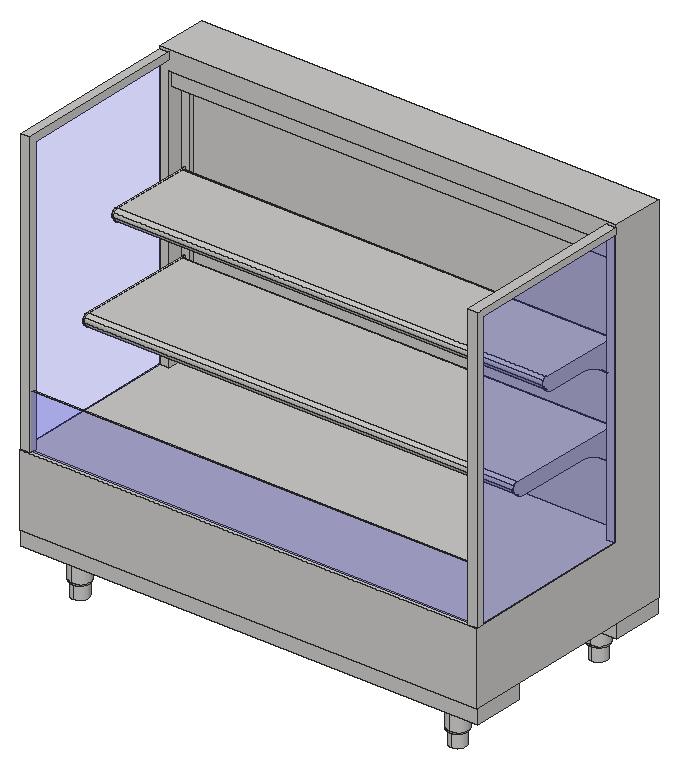
Revit family "Food-Service-Equipment_Oscartek_H11_1250", category Specialty Equipment, Revit 2026
Family settings
  Round Connector Dimension = Use Diameter
  Part Type = Normal
  Classification Number = 23.40.40.11
  Work Plane-Based = No
  Enable Cutting in Views = No
  Always vertical = Yes
  Cut with Voids When Loaded = No
  Maintain Annotation Orientation = No
  Shared = No
  Room Calculation Point = No
Parameters
  Width = 49 1/4"  # constant formula
  Weight in Pounds = 440
  Watts = Volts * FL Amps  # 1320 W
  Waste Water Discharge Temperature [instance] = -459.67 °F
  Volts = 220 V
  URL Cutsheet = "www.oscartek.com"
  URL = "www.oscartek.com"
  Type Mark [instance] = ""
  Type Comments = "As Specified"
  Test Data = "http://www.oscartek.com/company/clients.php"
  Status [instance] = ""
  Specification by User [instance] = ""
  Specification by Manufacturer = ""
  Specification = "https://www.arcat.com/arcatcos/cos48/arc48760.html"
  Show Back Shelving [instance] = no
  Serial Number = ""
  Seismic Rating = ""
  Sales Information = "http://www.oscartek.com/company/contact.php"
  SMACNA No = ""
  Revision Code [instance] = ""
  Revision = "R1_2018-10"
  Product Data = "http://www.oscartek.com/support/manuals/"
  Plumbing Remarks [instance] = ""
  Plumbing Connection Type [instance] = ""
  Phase = 1
  Omniclass Number and Title = ""
  Number of Poles [instance] = 1
  NAFEM Spec ID Number = ""
  Model = "H11 1250"
  Min Ckt Ampacity = 0 A
  Max Overcurrent Protection = 0 A
  Masterspec = ""
  Manufacturer Website = "http://www.oscartek.com/index.php"
  Manufacturer Phone - Toll Free = "855-885-2400"
  Manufacturer Phone = "650-342-2400"
  Manufacturer Fax = "650-342-7400"
  Manufacturer Address = "361 Beach Rd., Burlingame, CA 94010"
  Manufacturer = "OSCARTEK"
  Legs [instance] = not(Show Back Shelving)  # yes
  Item Number [instance] = ""
  Installed By [instance] = ""
  Installation-Fabrication = "http://www.oscartek.com/support/manuals/"
  Indirect Waste Size = 1"
  Indirect Waste Flow [instance] = 0 GPM
  Indirect Waste Connection Type [instance] = ""
  Indirect Waste Connection Height = 0"
  Identify Quantity as Lot [instance] = yes
  Height = 44 1/2"  # constant formula
  HP = ""
  Green Building-LEED = "https://www.arcat.com/green/green_building.shtml"
  Furnished By [instance] = ""
  Foodservice Equipment Identifier [instance] = yes
  FL Amps = 6 A
  Electrical Remarks [instance] = ""
  Electric Connection Type [instance] = ""
  Elec Conn RI Height [instance] = 0"
  Elec Conn Connection Height [instance] = 0"
  Drawn By = "Sumex Design, Inc. / Robert S. Weygant, CSI, CDT, SCIP"
  Description = "MURO H11 SELF SERVE AIR SCREEN WALL REFRIGERATION SHOWCASES"
  Default Elevation = 0"
  Cycle = 60 Hz
  Copyright = "©Arcat Inc."
  Construction Details = "http://www.oscartek.com/support/manuals/"
  Conn Plug = ""
  Conn Conduit = yes
  Category = ""
  CSI MasterFormat = "11 41 33"
  CSI Master Format = "Foodservice Shelving"
  Building Codes = "https://www.arcat.com/arcatcos/cos48/arc48760.html"
  Apparent Power = if(Phase = 3, Volts * FL Amps * 1.73, Volts * FL Amps)  # 1320 VA
Reference planes (in)
  plane 1 "BACK": y = 0
  plane 2: z = 0
  plane 3 "LEFT": x = 0
  plane 4 "RIGHT": x = 49.25
  plane 5 "FRONT": y = -24.5
  plane 6 "TOP": z = 44.5
  plane 7 "Center Y": x = 24.625
  plane 8 "Center X": y = -12.25
  plane 9: z = 6
  plane 10 "Left Offset": x = 4.25
  plane 11 "Right Offset": x = 45
  plane 12: y = -4.1181
  plane 13: x = 1.45303
  plane 14: y = 8.25
Forms (in)
  Revolve 1, solid, material "QF_Finishes_Stainless Steel"
    sketch origin (4.25, 0, 0) x (0, 0, -1) y (0, -1, 0)
      loop
        line (0, 21.73224) -> (-4.46851, 21.73224) -> (-4.46851, 20.62988) -> (-1.63279, 20.62988)
        arc (-1.63279, 20.62988) -> (-1.52552, 20.66897) -> (-1.48031, 20.77381) r 0.14417
        line (-1.48031, 20.77381) -> (-1.48031, 20.8661) -> (0, 20.8661) -> (0, 21.73224)
      axis (0, 21.73224) -> (-4.46851, 21.73224)
    angle from 0 to 360
  Revolve 2, solid, material "QF_Finishes_Stainless Steel"
    sketch origin (45, 0, 0) x (0, 0, -1) y (0, -1, 0)
      loop
        line (0, 21.73224) -> (-4.46851, 21.73224) -> (-4.46851, 20.62988) -> (-1.63279, 20.62988)
        arc (-1.63279, 20.62988) -> (-1.52552, 20.66897) -> (-1.48031, 20.77381) r 0.14417
        line (-1.48031, 20.77381) -> (-1.48031, 20.8661) -> (0, 20.8661) -> (0, 21.73224)
      axis (0, 21.73224) -> (-4.46851, 21.73224)
    angle from 0 to 360
  Extrusion 3, solid, material "QF_Finishes_Stainless Steel"
    sketch origin (0, 0, 0.0945) x (0, 1, 0) y (0, 0, 1)
      loop
        line (-24.38189, 5.9055) -> (-24.38189, 4.37401) -> (-18.87009, 4.37401) -> (-18.87009, 5.9055) -> (-24.38189, 5.9055)
    from 0 to 49.25
  Extrusion 4, solid, material "QF_Finishes_Stainless Steel"
    sketch origin (0, 0, 0) x (0, 1, 0) y (0, 0, 1)
      loop
        line (-24.5, 6) -> (0, 6) -> (0, 44.5) -> (-5.70865, 44.5) -> (-5.70865, 42.51949) -> (-5.39369, 42.51949) -> (-5.39369, 40.88366) -> (-3.74377, 40.88366) -> (-3.74377, 13.7795) -> (-24.5, 13.7795) -> (-24.5, 6)
    from 0 to 49.25
  Sweep 5, solid, material "QF_Finishes_Stainless Steel"
    path origin (0, 0, 0) x (0, 1, 0) y (0, 0, 1)
      loop
        line (-5.70865, 44.29125) -> (-24.4094, 44.29125) -> (-24.4094, 13.7795)
    profile origin (0, -15.05903, 44.29125) x (0, 0, -1) y (1, 0, 0)
      loop
        line (0, 0) -> (0.75, 0) -> (0.75, 1) -> (0, 1) -> (0, 0)
      loop
        line (0, 49.25) -> (0, 48.25) -> (0.75, 48.25) -> (0.75, 49.25) -> (0, 49.25)
  Extrusion 6, solid, material "Glass"
    sketch origin (49.25, 0, 0) x (0, 1, 0) y (0, 0, 1)
      loop
        line (-5.70865, 13.7795) -> (-5.70865, 43.54125) -> (-23.6594, 43.54125) -> (-23.6594, 13.7795) -> (-5.70865, 13.7795)
    from 0 to -0.125
  Extrusion 7, solid, material "Glass"
    sketch origin (0, 0, 0) x (0, 1, 0) y (0, 0, -1)
      loop
        line (-5.70865, -13.7795) -> (-23.6594, -13.7795) -> (-23.6594, -43.54125) -> (-5.70865, -43.54125) -> (-5.70865, -13.7795)
    from 0 to -0.125
  Extrusion 8, solid, material "QF_Finishes_Stainless Steel"
    sketch origin (49.25, 0, 0) x (0, 1, 0) y (0, 0, 1)
      loop
        line (-5.70865, 42.51949) -> (-5.70865, 13.7795) -> (-3.74377, 13.7795) -> (-3.74377, 40.88366) -> (-5.39369, 40.88366) -> (-5.39369, 42.51949) -> (-5.70865, 42.51949)
    from 0 to -1
  Extrusion 9, solid, material "QF_Finishes_Stainless Steel"
    sketch origin (0, 0, 0) x (0, 1, 0) y (0, 0, -1)
      loop
        line (-5.70865, -42.51949) -> (-5.39369, -42.51949) -> (-5.39369, -40.88366) -> (-3.74377, -40.88366) -> (-3.74377, -13.7795) -> (-5.70865, -13.7795) -> (-5.70865, -42.51949)
    from 0 to -1
  Extrusion 10, solid, material "Glass"
    sketch origin (0, 0, 0) x (1, 0, 0) y (0, 1, 0)
      loop
        line (1, -24.25192) -> (48.25, -24.25192) -> (48.25, -24.0157) -> (1, -24.0157) -> (1, -24.25192)
    from 13.7795 to 19.685
  Extrusion 11, solid, material "QF_Finishes_Stainless Steel"
    sketch origin (0, 0, 0) x (1, 0, 0) y (0, 1, 0)
      loop
        line (1, -3.74377) -> (1, -4.1181) -> (2, -4.1181) -> (2, -3.74377) -> (1, -3.74377)
      loop
        line (48.25, -3.74377) -> (47.25, -3.74377) -> (47.25, -4.1181) -> (48.25, -4.1181) -> (48.25, -3.74377)
    from 13.7795 to 40.48614
  Extrusion 12, solid, material "QF_Finishes_Stainless Steel"
    sketch origin (0, 0, 0) x (0, 1, 0) y (0, 0, 1)
      loop
        arc (-17.72597, 23.53512) -> (-17.2113, 22.93887) -> (-16.45833, 22.70771) r 1.42301
        line (-16.45833, 22.70771) -> (-8.4463, 22.56786)
        arc (-8.4463, 22.56786) -> (-7.21377, 22.3472) -> (-6.11286, 21.7507) r 3.937
        line (-6.11286, 21.7507) -> (-4.19734, 20.27555) -> (-4.1181, 20.27555) -> (-4.1181, 24.1087) -> (-4.3685, 24.1087) -> (-4.3685, 24.01463)
        arc (-4.3685, 24.01463) -> (-4.38687, 24.03785) -> (-4.41505, 24.04694) r 0.05097
        line (-4.41505, 24.04694) -> (-17.20933, 24.27026)
        arc (-17.20933, 24.27026) -> (-17.22673, 24.27505) -> (-17.23969, 24.28761) r 0.03635
        arc (-17.23969, 24.28761) -> (-17.24815, 24.30882) -> (-17.26921, 24.31765) r 0.02953
        arc (-17.26921, 24.31765) -> (-17.70129, 24.04529) -> (-17.72597, 23.53512) r 0.55302
      loop
        line (-6.11286, 30.25462) -> (-4.19734, 28.77947) -> (-4.1181, 28.77947) -> (-4.1181, 32.61699) -> (-4.3685, 32.61699) -> (-4.3685, 32.51855)
        arc (-4.3685, 32.51855) -> (-4.38687, 32.54177) -> (-4.41505, 32.55086) r 0.05097
        line (-4.41505, 32.55086) -> (-13.27293, 32.70547)
        arc (-13.27293, 32.70547) -> (-13.29033, 32.71026) -> (-13.30329, 32.72282) r 0.03636
        arc (-13.30329, 32.72282) -> (-13.31267, 32.74493) -> (-13.33538, 32.75275) r 0.02953
        arc (-13.33538, 32.75275) -> (-13.76555, 32.47936) -> (-13.78953, 31.97024) r 0.55315
        arc (-13.78953, 31.97024) -> (-13.27486, 31.37405) -> (-12.52193, 31.14292) r 1.42301
        line (-12.52193, 31.14292) -> (-8.4463, 31.07178)
        arc (-8.4463, 31.07178) -> (-7.21377, 30.85112) -> (-6.11286, 30.25462) r 3.937
    from 1.39053 to 1.45303
  Extrusion 13, solid, material "QF_Finishes_Stainless Steel"
    sketch origin (49.25, 0, 0) x (0, 1, 0) y (0, 0, 1)
      loop
        arc (-17.72597, 23.53512) -> (-17.2113, 22.93887) -> (-16.45833, 22.70771) r 1.42301
        line (-16.45833, 22.70771) -> (-8.4463, 22.56786)
        arc (-8.4463, 22.56786) -> (-7.21377, 22.3472) -> (-6.11286, 21.7507) r 3.937
        line (-6.11286, 21.7507) -> (-4.19734, 20.27555) -> (-4.1181, 20.27555) -> (-4.1181, 24.1087) -> (-4.3685, 24.1087) -> (-4.3685, 24.01463)
        arc (-4.3685, 24.01463) -> (-4.38687, 24.03785) -> (-4.41505, 24.04694) r 0.05097
        line (-4.41505, 24.04694) -> (-17.20933, 24.27026)
        arc (-17.20933, 24.27026) -> (-17.22673, 24.27505) -> (-17.23969, 24.28761) r 0.03635
        arc (-17.23969, 24.28761) -> (-17.24815, 24.30882) -> (-17.26921, 24.31765) r 0.02953
        arc (-17.26921, 24.31765) -> (-17.70129, 24.04529) -> (-17.72597, 23.53512) r 0.55302
      loop
        line (-6.11286, 30.25462) -> (-4.19734, 28.77947) -> (-4.1181, 28.77947) -> (-4.1181, 32.61699) -> (-4.3685, 32.61699) -> (-4.3685, 32.51855)
        arc (-4.3685, 32.51855) -> (-4.38687, 32.54177) -> (-4.41505, 32.55086) r 0.05097
        line (-4.41505, 32.55086) -> (-13.27293, 32.70547)
        arc (-13.27293, 32.70547) -> (-13.29033, 32.71026) -> (-13.30329, 32.72282) r 0.03636
        arc (-13.30329, 32.72282) -> (-13.31267, 32.74493) -> (-13.33538, 32.75275) r 0.02953
        arc (-13.33538, 32.75275) -> (-13.76555, 32.47936) -> (-13.78953, 31.97024) r 0.55315
        arc (-13.78953, 31.97024) -> (-13.27486, 31.37405) -> (-12.52193, 31.14292) r 1.42301
        line (-12.52193, 31.14292) -> (-8.4463, 31.07178)
        arc (-8.4463, 31.07178) -> (-7.21377, 30.85112) -> (-6.11286, 30.25462) r 3.937
    from -1.45303 to -1.39053
  Extrusion 14, solid, material "QF_Finishes_Stainless Steel"
    sketch origin (0, 0, 0) x (0, 1, 0) y (0, 0, 1)
      loop
        line (-4.41505, 24.04694) -> (-17.20931, 24.27026)
        arc (-17.20931, 24.27026) -> (-17.45419, 24.21162) -> (-17.64013, 24.04183) r 0.50397
        arc (-17.64013, 24.04183) -> (-17.72071, 23.80328) -> (-17.67581, 23.55553) r 0.50391
        arc (-17.67581, 23.55553) -> (-17.46799, 23.23269) -> (-17.17895, 22.97996) r 1.37395
        arc (-17.17895, 22.97996) -> (-16.83127, 22.8171) -> (-16.4521, 22.75682) r 1.37364
        line (-16.4521, 22.75682) -> (-16.33948, 22.75486)
        arc (-16.33948, 22.75486) -> (-16.31678, 22.76158) -> (-16.30204, 22.78011) r 0.03937
        line (-16.30204, 22.78011) -> (-16.01123, 23.53768) -> (-16.04064, 23.54897) -> (-16.33342, 22.78625) -> (-16.45151, 22.78831)
        arc (-16.45151, 22.78831) -> (-16.82201, 22.84721) -> (-17.16173, 23.00634) r 1.3423
        arc (-17.16173, 23.00634) -> (-17.44415, 23.25327) -> (-17.64721, 23.56871) r 1.3423
        arc (-17.64721, 23.56871) -> (-17.6893, 23.80098) -> (-17.61375, 24.02462) r 0.47244
        arc (-17.61375, 24.02462) -> (-17.43944, 24.1838) -> (-17.20988, 24.23877) r 0.47244
        line (-17.20988, 24.23877) -> (-4.40772, 24.01531) -> (-4.42504, 23.02328) -> (-4.69268, 23.02987) -> (-4.69209, 23.06344) -> (-4.98142, 23.06849)
        arc (-4.98142, 23.06849) -> (-5.01546, 23.03561) -> (-4.98259, 23.00157) r 0.03346
        line (-4.98259, 23.00157) -> (-4.43346, 22.99198)
        arc (-4.43346, 22.99198) -> (-4.40542, 23.00303) -> (-4.39341, 23.03066) r 0.03937
        line (-4.39341, 23.03066) -> (-4.37637, 24.00689)
        arc (-4.37637, 24.00689) -> (-4.38741, 24.03492) -> (-4.41505, 24.04694) r 0.03937
      loop
        arc (-13.70373, 32.47704) -> (-13.78431, 32.23849) -> (-13.73941, 31.99074) r 0.50391
        arc (-13.73941, 31.99074) -> (-13.53159, 31.6679) -> (-13.24255, 31.41517) r 1.37395
        arc (-13.24255, 31.41517) -> (-12.89487, 31.25231) -> (-12.5157, 31.19203) r 1.37364
        line (-12.5157, 31.19203) -> (-12.40308, 31.19007)
        arc (-12.40308, 31.19007) -> (-12.38038, 31.19679) -> (-12.36564, 31.21532) r 0.03937
        line (-12.36564, 31.21532) -> (-12.07483, 31.97289) -> (-12.10424, 31.98418) -> (-12.39702, 31.22146) -> (-12.51511, 31.22352)
        arc (-12.51511, 31.22352) -> (-12.88561, 31.28242) -> (-13.22533, 31.44155) r 1.3423
        arc (-13.22533, 31.44155) -> (-13.50775, 31.68848) -> (-13.71081, 32.00392) r 1.3423
        arc (-13.71081, 32.00392) -> (-13.7529, 32.2361) -> (-13.67746, 32.45967) r 0.47244
        arc (-13.67746, 32.45967) -> (-13.50312, 32.61896) -> (-13.27348, 32.67398) r 0.47244
        line (-13.27348, 32.67398) -> (-4.40772, 32.51923) -> (-4.42504, 31.5272) -> (-4.69268, 31.53379) -> (-4.69209, 31.56736) -> (-4.98142, 31.57241)
        arc (-4.98142, 31.57241) -> (-5.01546, 31.53953) -> (-4.98259, 31.50549) r 0.03346
        line (-4.98259, 31.50549) -> (-4.43346, 31.4959)
        arc (-4.43346, 31.4959) -> (-4.40542, 31.50695) -> (-4.39341, 31.53458) r 0.03937
        line (-4.39341, 31.53458) -> (-4.37637, 32.51081)
        arc (-4.37637, 32.51081) -> (-4.38741, 32.53884) -> (-4.41505, 32.55086) r 0.03937
        line (-4.41505, 32.55086) -> (-13.27291, 32.70547)
        arc (-13.27291, 32.70547) -> (-13.51779, 32.64683) -> (-13.70373, 32.47704) r 0.50397
    from 1.45303 to 47.79697
  Extrusion 15, solid, material "QF_Finishes_Stainless Steel"
    sketch origin (0, 0, 0) x (1, 0, 0) y (0, 1, 0)
      loop
        circle (4.5, -5.25) r 0.5
      loop
        circle (44.75, -5.25) r 0.5
    from 6.46113 to 7.58184
  Revolve 16, solid, material "QF_Finishes_Stainless Steel", visible <- "Show Back Shelving"
    sketch origin (4.25, 8.13779, 0) x (0, 0, -1) y (0, -1, 0)
      loop
        line (0, 2.63779) -> (-4.46851, 2.63779) -> (-4.46851, 1.53543) -> (-1.63279, 1.53543)
        arc (-1.63279, 1.53543) -> (-1.52552, 1.57452) -> (-1.48031, 1.67936) r 0.14417
        line (-1.48031, 1.67936) -> (-1.48031, 1.77165) -> (0, 1.77165) -> (0, 2.63779)
      axis (0, 2.63779) -> (-4.46851, 2.63779)
    angle from 0 to 360
  Revolve 17, solid, material "QF_Finishes_Stainless Steel", visible <- "Show Back Shelving"
    sketch origin (45, 0, 0) x (0, 0, -1) y (0, -1, 0)
      loop
        line (0, -5.5) -> (-4.46851, -5.5) -> (-4.46851, -6.60236) -> (-1.63279, -6.60236)
        arc (-1.63279, -6.60236) -> (-1.52552, -6.56327) -> (-1.48031, -6.45843) r 0.14417
        line (-1.48031, -6.45843) -> (-1.48031, -6.36614) -> (0, -6.36614) -> (0, -5.5)
      axis (0, -5.5) -> (-4.46851, -5.5)
    angle from 0 to 360
  Extrusion 18, solid, material "QF_Finishes_Stainless Steel", visible <- "Show Back Shelving"
    sketch origin (0, 0, 0) x (0, 1, 0) y (0, 0, 1)
      loop
        line (0, 44.5) -> (0, 6) -> (8.25, 6) -> (8.25, 6.75) -> (0.75, 6.75) -> (0.75, 21) -> (8.25, 21) -> (8.25, 21.75) -> (0.75, 21.75) -> (0.75, 32.5) -> (8.25, 32.5) -> (8.25, 33.25) -> (0.75, 33.25) -> (0.75, 43.75) -> (8.25, 43.75) -> (8.25, 44.5) -> (0, 44.5)
    from 0 to 49.25
  Extrusion 19, solid, material "QF_Finishes_Stainless Steel", visible <- "Show Back Shelving"
    sketch origin (0, 0, 0) x (0, 1, 0) y (0, 0, 1)
      loop
        line (0.75, 21) -> (0.75, 6.75) -> (8.25, 6.75) -> (8.25, 21) -> (0.75, 21)
      loop
        line (8.25, 21.75) -> (8.25, 32.5) -> (0.75, 32.5) -> (0.75, 21.75) -> (8.25, 21.75)
      loop
        line (8.25, 33.25) -> (8.25, 43.75) -> (0.75, 43.75) -> (0.75, 33.25) -> (8.25, 33.25)
    from 0 to 1
  Extrusion 20, solid, material "QF_Finishes_Stainless Steel", visible <- "Show Back Shelving"
    sketch origin (49.25, 0, 0) x (0, 1, 0) y (0, 0, 1)
      loop
        line (0.75, 21) -> (0.75, 6.75) -> (8.25, 6.75) -> (8.25, 21) -> (0.75, 21)
      loop
        line (8.25, 21.75) -> (8.25, 32.5) -> (0.75, 32.5) -> (0.75, 21.75) -> (8.25, 21.75)
      loop
        line (8.25, 33.25) -> (8.25, 43.75) -> (0.75, 43.75) -> (0.75, 33.25) -> (8.25, 33.25)
    from 0 to -1
  Extrusion 21, solid, material "QF_Finishes_Stainless Steel", visible <- "Show Back Shelving"
    sketch origin (0, 8.25, 0.0945) x (0, 1, 0) y (0, 0, 1)
      loop
        line (-5.62991, 5.9055) -> (-5.62991, 4.37401) -> (-0.11811, 4.37401) -> (-0.11811, 5.9055) -> (-5.62991, 5.9055)
    from 0 to 49.25
  Revolve 22, solid, material "QF_Finishes_Stainless Steel", visible <- "Legs"
    sketch origin (4.25, -0.11221, 0) x (0, 0, -1) y (0, -1, 0)
      loop
        line (0, 2.63779) -> (-4.46851, 2.63779) -> (-4.46851, 1.53543) -> (-1.63279, 1.53543)
        arc (-1.63279, 1.53543) -> (-1.52552, 1.57452) -> (-1.48031, 1.67936) r 0.14417
        line (-1.48031, 1.67936) -> (-1.48031, 1.77165) -> (0, 1.77165) -> (0, 2.63779)
      axis (0, 2.63779) -> (-4.46851, 2.63779)
    angle from 0 to 360
  Revolve 23, solid, material "QF_Finishes_Stainless Steel", visible <- "Legs"
    sketch origin (45, -8.25, 0) x (0, 0, -1) y (0, -1, 0)
      loop
        line (0, -5.5) -> (-4.46851, -5.5) -> (-4.46851, -6.60236) -> (-1.63279, -6.60236)
        arc (-1.63279, -6.60236) -> (-1.52552, -6.56327) -> (-1.48031, -6.45843) r 0.14417
        line (-1.48031, -6.45843) -> (-1.48031, -6.36614) -> (0, -6.36614) -> (0, -5.5)
      axis (0, -5.5) -> (-4.46851, -5.5)
    angle from 0 to 360
  Extrusion 24, solid, material "QF_Finishes_Stainless Steel", visible <- "Legs"
    sketch origin (0, 0, 0.0945) x (0, 1, 0) y (0, 0, 1)
      loop
        line (-5.62991, 5.9055) -> (-5.62991, 4.37401) -> (-0.11811, 4.37401) -> (-0.11811, 5.9055) -> (-5.62991, 5.9055)
    from 0 to 49.25
Cuts and joins
  joined: Extrusion 4, Extrusion 8, Extrusion 9
  joined: Extrusion 12, Extrusion 13, Extrusion 14
  joined: Extrusion 18, Extrusion 19, Extrusion 20
Lines and regions (in)
  symbolic lines
    curve 1: line (0, -24.4094, 0) -> (1, -24.4094, 0)
    curve 2: line (0, 0, 0) -> (0, -24.5, 0)
    curve 3: line (49.25, -5.70865, 0) -> (0, -5.70865, 0)
    curve 4: line (1, -24.4094, 0) -> (1, -5.70865, 0)
    curve 5: line (49.25, -24.4094, 0) -> (48.25, -24.4094, 0)
    curve 6: line (49.25, 0, 0) -> (49.25, -24.5, 0)
    curve 7: line (48.25, -24.4094, 0) -> (48.25, -5.70865, 0)
    curve 8: line (0, -24.5, 0) -> (49.25, -24.5, 0)
    curve 9: line (48.25, -24.0157, 0) -> (1, -24.0157, 0)
    curve 10: line (1, -24.25192, 0) -> (48.25, -24.25192, 0)
    curve 11: line (1.39053, -17.7767, 0) -> (1.45303, -17.7767, 0)
    curve 12: line (1.39053, -5.70865, 0) -> (1.39053, -17.7767, 0)
    curve 13: line (1.45303, -5.70865, 0) -> (1.39053, -5.70865, 0)
    curve 14: line (1.45303, -17.7767, 0) -> (1.45303, -5.70865, 0)
    curve 16: line (47.85947, -17.7767, 0) -> (47.79697, -17.7767, 0)
    curve 17: line (47.85947, -5.70865, 0) -> (47.85947, -17.7767, 0)
    curve 18: line (47.79697, -5.70865, 0) -> (47.85947, -5.70865, 0)
    curve 19: line (47.79697, -17.7767, 0) -> (47.79697, -5.70865, 0)
    curve 21: line (49.25, 0, 0) -> (0, 0, 0)
    curve 22: line (49.25, -0.11811, 0) -> (0, -0.11811, 0)
    curve 23: line (1, -23.2657, 0) -> (48.25, -23.2657, 0)
    curve 24: line (1.45303, -17.72597, 0) -> (47.79697, -17.72597, 0)
    curve 25: line (1.45303, -13.78953, 0) -> (47.79697, -13.78953, 0)
    curve 26: line (1.39053, -13.84029, 0) -> (1.45303, -13.84029, 0)
    curve 28: line (47.85947, -13.84029, 0) -> (47.79697, -13.84029, 0)
  model lines
    curve 15: line (1.45303, -13.84029, 0) -> (1.39053, -13.84029, 0)
    curve 20: line (47.79697, -13.84029, 0) -> (47.85947, -13.84029, 0)
    curve 27: line (47.79697, -13.84029, 0) -> (47.85947, -13.84029, 0)
  symbolic lines, style "SpecialityEquipment", visible <- "Show Back Shelving"
    curve 29: line (0, 8.25, 0) -> (49.25, 8.25, 0)
    curve 30: line (0, 0, 0) -> (0, 8.25, 0)
    curve 31: line (49.25, 0, 0) -> (49.25, 8.25, 0)
Dimensions and locks (in)
  equal spacing: plane 3 "LEFT", plane 7 "Center Y", plane 4 "RIGHT"
  "Width": plane 3 "LEFT" to plane 4 "RIGHT"
  equal spacing: plane 5 "FRONT", plane 8 "Center X", plane 1 "BACK"
  plane 5 "FRONT" to plane 1 "BACK" = 24 1/2"
  "Height": plane 6 "TOP" to level
  locked: plane 3 "LEFT" to plane 10 "Left Offset" at 4.25
  locked: plane 11 "Right Offset" to plane 4 "RIGHT" at 4.25
  locked: Sweep 5 sketch curve to plane 4 "RIGHT" at 1
  cut or joined group of Extrusion 12, Extrusion 13, Extrusion 14 to cut or joined group of Extrusion 12, Extrusion 13, Extrusion 14 to plane 4 "RIGHT" = 1/16" locked, 1.39053" locked
  plane 14 to plane 5 "FRONT" = 32 3/4"
  aligned and locked: level to plane 2
  aligned and locked: plane 4 "RIGHT" to Extrusion 4
  aligned and locked: plane 4 "RIGHT" to Sweep 5 sketch curve
  aligned and locked: plane 4 "RIGHT" to Extrusion 3
  aligned: Extrusion 14 to Extrusion 13
  aligned and locked: cut or joined group of Extrusion 12, Extrusion 13, Extrusion 14 to cut or joined group of Extrusion 12, Extrusion 13, Extrusion 14
  aligned and locked: plane 4 "RIGHT" to Extrusion 18
Automatic sketch dimensions
  curve 1 to plane 3 "LEFT" = 0"
  curve 11 to plane 13 = 0"
  curve 6 to plane 4 "RIGHT" = 0"
  plane 5 "FRONT" to curve 8 = 0"
  plane 1 "BACK" to curve 2 = 0"
  curve 30 to plane 14 = 0"
  plane 13 to curve 10 = 0.45303"
  plane 13 to curve 26 = 1/16"
  curve 16 to plane 4 "RIGHT" = 1.45303"
  curve 20 to curve 20 = 1/16"
  curve 10 to plane 5 "FRONT" = 0.24808"
  curve 10 to plane 4 "RIGHT" = 1"
  curve 5 to plane 5 "FRONT" = 0.0906"
  curve 1 to plane 5 "FRONT" = 0.0906"
  curve 10 to curve 9 = 0.23622"
  curve 9 to curve 23 = 3/4"
  curve 23 to curve 19 = 5.489"
  curve 23 to curve 11 = 5.489"
  curve 16 to curve 24 = 0.05073"
  curve 26 to plane 8 "Center X" = 1.59029"
  curve 20 to plane 8 "Center X" = 1.59029"
  curve 15 to curve 26 = 0"
  curve 27 to curve 20 = 0"
  curve 28 to curve 20 = 0"
  curve 20 to curve 25 = 0.05076"
  plane 12 to curve 18 = 1.59055"
  plane 12 to curve 4 = 1.59055"
  curve 4 to curve 13 = 0"
  curve 22 to curve 6 = 0.11811"
  Revolve 1 sketch curve to level = 0"
  Revolve 1 sketch curve to Revolve 1 sketch curve = 1.48031"
  Revolve 1 sketch curve to Revolve 1 sketch curve = 0.14417"
  Revolve 1 sketch curve to Revolve 1 sketch curve = 0.00831"
  Revolve 1 sketch curve to plane 9 = 1.62599"
  Revolve 1 sketch curve to Revolve 1 sketch curve = 0.0945"
  Revolve 1 sketch curve to Revolve 1 sketch curve = 0.27276"
  Revolve 1 sketch curve to plane 5 "FRONT" = 3.87012"
  Revolve 1 sketch curve to Revolve 1 sketch curve = 0.09229"
  Revolve 1 sketch curve to Revolve 1 sketch curve = 1.10236"
  Revolve 1 sketch curve to Revolve 1 sketch curve = 0"
  Revolve 2 sketch curve to level = 0"
  Revolve 2 sketch curve to Revolve 2 sketch curve = 1.48031"
  Revolve 2 sketch curve to Revolve 2 sketch curve = 0.14417"
  Revolve 2 sketch curve to Revolve 2 sketch curve = 0.00831"
  Revolve 2 sketch curve to plane 9 = 1.62599"
  Revolve 2 sketch curve to Revolve 2 sketch curve = 0.0945"
  Revolve 2 sketch curve to Revolve 2 sketch curve = 0.27276"
  Revolve 2 sketch curve to plane 5 "FRONT" = 3.87012"
  Revolve 2 sketch curve to Revolve 2 sketch curve = 0.09229"
  Revolve 2 sketch curve to Revolve 2 sketch curve = 1.10236"
  Revolve 2 sketch curve to Revolve 2 sketch curve = 0"
  Extrusion 3 sketch curve to plane 9 = 0"
  Extrusion 3 sketch curve to plane 5 "FRONT" = 0.11811"
  Extrusion 3 sketch curve to plane 9 = 1.53149"
  Extrusion 3 sketch curve to Extrusion 3 sketch curve = 5.5118"
  Extrusion 4 sketch curve to plane 5 "FRONT" = 0"
  Extrusion 4 sketch curve to plane 6 "TOP" = 0"
  Extrusion 4 sketch curve to plane 1 "BACK" = 0"
  Extrusion 4 sketch curve to plane 9 = 0"
  plane 12 to Extrusion 4 sketch curve = 1.59055"
  plane 12 to Extrusion 4 sketch curve = 1.27559"
  Extrusion 4 sketch curve to plane 12 = 0.37433"
  plane 9 to Extrusion 4 sketch curve = 7.7795"
  Extrusion 4 sketch curve to plane 6 "TOP" = 3.61634"
  Extrusion 4 sketch curve to Extrusion 4 sketch curve = 0"
  Extrusion 4 sketch curve to Extrusion 4 sketch curve = 1.63582"
  Sweep 5 sketch curve to plane 5 "FRONT" = 0.0906"
  Sweep 5 sketch curve to plane 6 "TOP" = 0.20875"
  plane 12 to Sweep 5 sketch curve = 1.59055"
  plane 9 to Sweep 5 sketch curve = 7.7795"
  Sweep 5 sketch curve to plane 3 "LEFT" = 0"
  Sweep 5 sketch curve to profile plane = 0"  (x2)
  Sweep 5 sketch curve to Sweep 5 sketch curve = 3/4"  (x2)
  plane 3 "LEFT" to Sweep 5 sketch curve = 1"
  Extrusion 6 sketch curve to Extrusion 4 = 0"  (x2)
  Extrusion 6 sketch curve to Extrusion 4 = 0.8406"
  Extrusion 6 sketch curve to Extrusion 4 = 0.95875"
  Extrusion 7 sketch curve to plane 5 "FRONT" = 0.8406"
  plane 12 to Extrusion 7 sketch curve = 1.59055"
  Extrusion 7 sketch curve to plane 6 "TOP" = 0.95875"
  plane 9 to Extrusion 7 sketch curve = 7.7795"
  Extrusion 8 sketch curve to Extrusion 4 = 0"  (x5)
  Extrusion 4 to Extrusion 8 sketch curve = 0"  (x2)
  plane 12 to Extrusion 9 sketch curve = 1.59055"
  plane 12 to Extrusion 9 sketch curve = 1.27559"
  Extrusion 9 sketch curve to plane 12 = 0.37433"
  Extrusion 9 sketch curve to plane 6 "TOP" = 1.98051"
  Extrusion 9 sketch curve to Extrusion 9 sketch curve = 1.63582"
  Extrusion 9 sketch curve to Extrusion 9 sketch curve = 0"
  plane 9 to Extrusion 9 sketch curve = 7.7795"
  plane 13 to Extrusion 10 sketch curve = 0.45303"
  Extrusion 10 sketch curve to plane 5 "FRONT" = 0.4843"
  Extrusion 10 sketch curve to plane 4 "RIGHT" = 1"
  Extrusion 10 sketch curve to Extrusion 10 sketch curve = 0.23622"
  plane 12 to Extrusion 11 sketch curve = 0"  (x2)
  plane 13 to Extrusion 11 sketch curve = 0.45303"
  Extrusion 11 sketch curve to plane 13 = 0.54697"
  Extrusion 11 sketch curve to plane 4 "RIGHT" = 2"
  Extrusion 11 sketch curve to Extrusion 11 sketch curve = 1"
  Extrusion 11 sketch curve to plane 12 = 0.37433"  (x2)
  Extrusion 12 sketch curve to plane 12 = 0"  (x2)
  plane 12 to Extrusion 12 sketch curve = 0.07924"  (x2)
  plane 12 to Extrusion 12 sketch curve = 0.2504"  (x2)
  Extrusion 12 sketch curve to Extrusion 12 sketch curve = 0.04655"  (x2)
  Extrusion 12 sketch curve to Extrusion 12 sketch curve = 0.04744"  (x2)
  plane 12 to Extrusion 12 sketch curve = 1.99476"  (x2)
  Extrusion 12 sketch curve to Extrusion 12 sketch curve = 2.33343"  (x2)
  plane 8 "Center X" to Extrusion 12 sketch curve = 3.73499"  (x2)
  Extrusion 12 sketch curve to plane 8 "Center X" = 0.2471"
  Extrusion 12 sketch curve to plane 8 "Center X" = 0.27193"
  Extrusion 12 sketch curve to Extrusion 12 sketch curve = 0.77519"  (x2)
  Extrusion 12 sketch curve to Extrusion 12 sketch curve = 0.00063"  (x2)
  Extrusion 12 sketch curve to Extrusion 12 sketch curve = 0.01421"
  Extrusion 12 sketch curve to Extrusion 12 sketch curve = 0.03036"  (x2)
  Extrusion 12 sketch curve to Extrusion 12 sketch curve = 0.02952"  (x2)
  Extrusion 12 sketch curve to Extrusion 12 sketch curve = 0.00258"
  Extrusion 12 sketch curve to Extrusion 12 sketch curve = 0"  (x2)
  Extrusion 12 sketch curve to Extrusion 12 sketch curve = 0.50239"
  Extrusion 12 sketch curve to plane 8 "Center X" = 4.1835"
  Extrusion 12 sketch curve to Extrusion 12 sketch curve = 0.02483"
  Extrusion 12 sketch curve to Extrusion 12 sketch curve = 0.01435"
  Extrusion 12 sketch curve to Extrusion 12 sketch curve = 0.50229"
  plane 9 to Extrusion 12 sketch curve = 12.63146"
  Extrusion 12 sketch curve to Extrusion 12 sketch curve = 1.64409"
  Extrusion 12 sketch curve to Extrusion 12 sketch curve = 1.47515"  (x2)
  Extrusion 12 sketch curve to Extrusion 12 sketch curve = 0.13985"
  Extrusion 12 sketch curve to Extrusion 12 sketch curve = 0.82741"
  Extrusion 12 sketch curve to Extrusion 12 sketch curve = 0.23138"
  Extrusion 12 sketch curve to Extrusion 12 sketch curve = 2.24527"
  Extrusion 12 sketch curve to Extrusion 12 sketch curve = 0.01865"  (x2)
  Extrusion 12 sketch curve to Extrusion 12 sketch curve = 0.09407"
  Extrusion 12 sketch curve to Extrusion 12 sketch curve = 0.04739"
  Extrusion 12 sketch curve to Extrusion 12 sketch curve = 0.01734"
  Extrusion 12 sketch curve to Extrusion 12 sketch curve = 4.56752"
  Extrusion 12 sketch curve to Extrusion 12 sketch curve = 4.67077"
  Extrusion 12 sketch curve to Extrusion 12 sketch curve = 0.07114"
  Extrusion 12 sketch curve to Extrusion 12 sketch curve = 0.82732"
  Extrusion 12 sketch curve to Extrusion 12 sketch curve = 2.24528"
  Extrusion 12 sketch curve to Extrusion 12 sketch curve = 0.09844"
  Extrusion 12 sketch curve to Extrusion 12 sketch curve = 0.01735"
  Extrusion 13 sketch curve to plane 12 = 0"  (x2)
  plane 12 to Extrusion 13 sketch curve = 0.07924"  (x2)
  plane 12 to Extrusion 13 sketch curve = 0.2504"  (x2)
  Extrusion 13 sketch curve to Extrusion 13 sketch curve = 0.04655"  (x2)
  Extrusion 13 sketch curve to Extrusion 13 sketch curve = 0.04744"  (x2)
  plane 12 to Extrusion 13 sketch curve = 1.99476"  (x2)
  Extrusion 13 sketch curve to Extrusion 13 sketch curve = 2.33343"  (x2)
  plane 8 "Center X" to Extrusion 13 sketch curve = 3.73499"  (x2)
  Extrusion 13 sketch curve to plane 8 "Center X" = 0.2471"
  Extrusion 13 sketch curve to plane 8 "Center X" = 0.27193"
  Extrusion 13 sketch curve to Extrusion 13 sketch curve = 0.77519"  (x2)
  Extrusion 13 sketch curve to Extrusion 13 sketch curve = 0.00063"  (x2)
  Extrusion 13 sketch curve to Extrusion 13 sketch curve = 0.01421"
  Extrusion 13 sketch curve to Extrusion 13 sketch curve = 0.03036"  (x2)
  Extrusion 13 sketch curve to Extrusion 13 sketch curve = 0.02952"  (x2)
  Extrusion 13 sketch curve to Extrusion 13 sketch curve = 0.00258"
  Extrusion 13 sketch curve to Extrusion 13 sketch curve = 0"  (x2)
  Extrusion 13 sketch curve to Extrusion 13 sketch curve = 0.50239"
  Extrusion 13 sketch curve to plane 8 "Center X" = 4.1835"
  Extrusion 13 sketch curve to Extrusion 13 sketch curve = 0.02483"
  Extrusion 13 sketch curve to Extrusion 13 sketch curve = 0.01435"
  Extrusion 13 sketch curve to Extrusion 13 sketch curve = 0.50229"
  plane 9 to Extrusion 13 sketch curve = 12.63146"
  Extrusion 13 sketch curve to Extrusion 13 sketch curve = 1.64409"
  Extrusion 13 sketch curve to Extrusion 13 sketch curve = 1.47515"  (x2)
  Extrusion 13 sketch curve to Extrusion 13 sketch curve = 0.13985"
  Extrusion 13 sketch curve to Extrusion 13 sketch curve = 0.82741"
  Extrusion 13 sketch curve to Extrusion 13 sketch curve = 0.23138"
  Extrusion 13 sketch curve to Extrusion 13 sketch curve = 2.24527"
  Extrusion 13 sketch curve to Extrusion 13 sketch curve = 0.01865"  (x2)
  Extrusion 13 sketch curve to Extrusion 13 sketch curve = 0.09407"
  Extrusion 13 sketch curve to Extrusion 13 sketch curve = 0.04739"
  Extrusion 13 sketch curve to Extrusion 13 sketch curve = 0.01734"
  Extrusion 13 sketch curve to Extrusion 13 sketch curve = 4.56752"
  Extrusion 13 sketch curve to Extrusion 13 sketch curve = 4.67077"
  Extrusion 13 sketch curve to Extrusion 13 sketch curve = 0.07114"
  Extrusion 13 sketch curve to Extrusion 13 sketch curve = 0.82732"
  Extrusion 13 sketch curve to Extrusion 13 sketch curve = 2.24528"
  Extrusion 13 sketch curve to Extrusion 13 sketch curve = 0.09844"
  Extrusion 13 sketch curve to Extrusion 13 sketch curve = 0.01735"
  Extrusion 14 sketch curve to plane 8 "Center X" = 5.42581"
  Extrusion 14 sketch curve to Extrusion 14 sketch curve = 0"  (x16)
  Extrusion 14 sketch curve to Extrusion 14 sketch curve = 0.02861"  (x2)
  Extrusion 14 sketch curve to Extrusion 14 sketch curve = 0.00708"  (x2)
  Extrusion 14 sketch curve to Extrusion 14 sketch curve = 0.02638"  (x2)
  Extrusion 14 sketch curve to Extrusion 14 sketch curve = 0.42905"
  Extrusion 14 sketch curve to Extrusion 14 sketch curve = 0.00003"  (x2)
  Extrusion 14 sketch curve to Extrusion 14 sketch curve = 0.40388"
  Extrusion 14 sketch curve to Extrusion 14 sketch curve = 0.00057"  (x2)
  Extrusion 14 sketch curve to Extrusion 14 sketch curve = 0.46826"  (x2)
  Extrusion 14 sketch curve to Extrusion 14 sketch curve = 0.01721"
  Extrusion 14 sketch curve to Extrusion 14 sketch curve = 0.70963"
  Extrusion 14 sketch curve to Extrusion 14 sketch curve = 0.00059"  (x4)
  Extrusion 14 sketch curve to Extrusion 14 sketch curve = 0.78174"
  Extrusion 14 sketch curve to Extrusion 14 sketch curve = 0.00005"  (x2)
  Extrusion 14 sketch curve to Extrusion 14 sketch curve = 0.00012"  (x2)
  Extrusion 14 sketch curve to Extrusion 14 sketch curve = 0.11262"  (x2)
  Extrusion 14 sketch curve to Extrusion 14 sketch curve = 0.00069"  (x8)
  Extrusion 14 sketch curve to Extrusion 14 sketch curve = 0.00537"  (x2)
  Extrusion 14 sketch curve to Extrusion 14 sketch curve = 0.03138"  (x2)
  Extrusion 14 sketch curve to Extrusion 14 sketch curve = 0.38749"
  Extrusion 14 sketch curve to Extrusion 14 sketch curve = 0.0294"  (x2)
  Extrusion 14 sketch curve to plane 8 "Center X" = 1.48941"
  Extrusion 14 sketch curve to Extrusion 14 sketch curve = 0.02627"
  Extrusion 14 sketch curve to Extrusion 14 sketch curve = 0.3957"
  Extrusion 14 sketch curve to Extrusion 14 sketch curve = 0.40398"
  Extrusion 14 sketch curve to Extrusion 14 sketch curve = 0.01722"
  Extrusion 14 sketch curve to plane 8 "Center X" = 0.2657"
  Extrusion 14 sketch curve to plane 8 "Center X" = 0.24173"
  plane 8 "Center X" to Extrusion 14 sketch curve = 0.14576"
  plane 12 to Extrusion 14 sketch curve = 0.86449"  (x2)
  Extrusion 14 sketch curve to Extrusion 14 sketch curve = 0.00058"  (x4)
  Extrusion 14 sketch curve to Extrusion 14 sketch curve = 0.28932"  (x2)
  Extrusion 14 sketch curve to Extrusion 14 sketch curve = 0.25922"  (x2)
  Extrusion 14 sketch curve to Extrusion 14 sketch curve = 0.00773"  (x2)
  plane 12 to Extrusion 14 sketch curve = 0.29763"  (x2)
  Extrusion 14 sketch curve to Extrusion 14 sketch curve = 0.00801"  (x2)
  Extrusion 14 sketch curve to Extrusion 14 sketch curve = 0.03163"  (x2)
  Extrusion 14 sketch curve to Extrusion 14 sketch curve = 0.03135"  (x2)
  plane 9 to Extrusion 14 sketch curve = 16.75486"
  Extrusion 14 sketch curve to Extrusion 14 sketch curve = 0.00197"  (x2)
  Extrusion 14 sketch curve to Extrusion 14 sketch curve = 0.02525"  (x2)
  Extrusion 14 sketch curve to Extrusion 14 sketch curve = 0.00797"  (x2)
  Extrusion 14 sketch curve to Extrusion 14 sketch curve = 0.03149"  (x2)
  Extrusion 14 sketch curve to Extrusion 14 sketch curve = 0.19165"  (x2)
  Extrusion 14 sketch curve to Extrusion 14 sketch curve = 0.21187"
  Extrusion 14 sketch curve to Extrusion 14 sketch curve = 0.00959"  (x2)
  Extrusion 14 sketch curve to Extrusion 14 sketch curve = 0.0313"  (x2)
  Extrusion 14 sketch curve to Extrusion 14 sketch curve = 0.03789"  (x2)
  Extrusion 14 sketch curve to Extrusion 14 sketch curve = 0.00738"  (x2)
  Extrusion 14 sketch curve to Extrusion 14 sketch curve = 0.03346"  (x2)
  Extrusion 14 sketch curve to Extrusion 14 sketch curve = 0.59257"  (x2)
  Extrusion 14 sketch curve to Extrusion 14 sketch curve = 0.01129"  (x2)
  Extrusion 14 sketch curve to Extrusion 14 sketch curve = 0.01318"  (x2)
  Extrusion 14 sketch curve to Extrusion 14 sketch curve = 0.97623"  (x2)
  Extrusion 14 sketch curve to Extrusion 14 sketch curve = 0.00774"  (x2)
  Extrusion 14 sketch curve to Extrusion 14 sketch curve = 7.05955"
  Extrusion 14 sketch curve to Extrusion 14 sketch curve = 0.02637"
  Extrusion 14 sketch curve to Extrusion 14 sketch curve = 7.44896"
  Extrusion 15 sketch curve to plane 10 "Left Offset" = 1/4"
  plane 11 "Right Offset" to Extrusion 15 sketch curve = 1/4"
  plane 12 to Extrusion 15 sketch curve = 1.1319"  (x2)
  Revolve 16 sketch curve to level = 0"
  Revolve 16 sketch curve to Revolve 16 sketch curve = 1.48031"
  Revolve 16 sketch curve to Revolve 16 sketch curve = 0.14417"
  Revolve 16 sketch curve to Revolve 16 sketch curve = 0.00831"
  Revolve 16 sketch curve to plane 9 = 1.62599"
  Revolve 16 sketch curve to Revolve 16 sketch curve = 0.0945"
  Revolve 16 sketch curve to Revolve 16 sketch curve = 0.27276"
  Revolve 16 sketch curve to plane 14 = 1.64764"
  Revolve 16 sketch curve to Revolve 16 sketch curve = 0.09229"
  Revolve 16 sketch curve to Revolve 16 sketch curve = 1.10236"
  Revolve 16 sketch curve to Revolve 16 sketch curve = 0"
  Revolve 17 sketch curve to level = 0"
  Revolve 17 sketch curve to Revolve 17 sketch curve = 1.48031"
  Revolve 17 sketch curve to Revolve 17 sketch curve = 0.14417"
  Revolve 17 sketch curve to Revolve 17 sketch curve = 0.00831"
  Revolve 17 sketch curve to plane 9 = 1.62599"
  Revolve 17 sketch curve to Revolve 17 sketch curve = 0.0945"
  Revolve 17 sketch curve to Revolve 17 sketch curve = 0.27276"
  Revolve 17 sketch curve to plane 14 = 1.64764"
  Revolve 17 sketch curve to Revolve 17 sketch curve = 0.09229"
  Revolve 17 sketch curve to Revolve 17 sketch curve = 1.10236"
  Revolve 17 sketch curve to Revolve 17 sketch curve = 0"
  Extrusion 18 sketch curve to plane 1 "BACK" = 0"
  Extrusion 18 sketch curve to plane 14 = 0"  (x4)
  Extrusion 18 sketch curve to plane 9 = 0"
  Extrusion 18 sketch curve to plane 6 "TOP" = 0"
  Extrusion 18 sketch curve to plane 1 "BACK" = 3/4"  (x3)
  plane 9 to Extrusion 18 sketch curve = 3/4"
  Extrusion 18 sketch curve to Extrusion 18 sketch curve = 14 1/4"
  Extrusion 18 sketch curve to Extrusion 18 sketch curve = 3/4"  (x2)
  Extrusion 18 sketch curve to Extrusion 18 sketch curve = 10 3/4"
  Extrusion 18 sketch curve to plane 6 "TOP" = 3/4"
  Extrusion 19 sketch curve to plane 14 = 0"  (x3)
  Extrusion 19 sketch curve to plane 1 "BACK" = 3/4"  (x2)
  Extrusion 19 sketch curve to Extrusion 19 sketch curve = 0"
  plane 9 to Extrusion 19 sketch curve = 3/4"
  Extrusion 19 sketch curve to Extrusion 19 sketch curve = 14 1/4"
  Extrusion 19 sketch curve to Extrusion 19 sketch curve = 3/4"  (x2)
  Extrusion 19 sketch curve to Extrusion 19 sketch curve = 10 3/4"
  Extrusion 19 sketch curve to plane 6 "TOP" = 3/4"
  Extrusion 20 sketch curve to plane 14 = 0"  (x3)
  Extrusion 20 sketch curve to plane 1 "BACK" = 3/4"  (x2)
  Extrusion 20 sketch curve to Extrusion 20 sketch curve = 0"
  plane 9 to Extrusion 20 sketch curve = 3/4"
  Extrusion 20 sketch curve to Extrusion 20 sketch curve = 14 1/4"
  Extrusion 20 sketch curve to Extrusion 20 sketch curve = 3/4"  (x2)
  Extrusion 20 sketch curve to Extrusion 20 sketch curve = 10 3/4"
  Extrusion 20 sketch curve to plane 6 "TOP" = 3/4"
  Extrusion 21 sketch curve to plane 9 = 0"
  Extrusion 21 sketch curve to plane 1 "BACK" = 2.62009"
  Extrusion 21 sketch curve to plane 14 = 0.11811"
  Extrusion 21 sketch curve to plane 9 = 1.53149"
  Revolve 22 sketch curve to level = 0"
  Revolve 22 sketch curve to Revolve 22 sketch curve = 1.48031"
  Revolve 22 sketch curve to Revolve 22 sketch curve = 0.14417"
  Revolve 22 sketch curve to Revolve 22 sketch curve = 0.00831"
  Revolve 22 sketch curve to plane 9 = 1.62599"
  Revolve 22 sketch curve to Revolve 22 sketch curve = 0.0945"
  Revolve 22 sketch curve to Revolve 22 sketch curve = 0.27276"
  plane 1 "BACK" to Revolve 22 sketch curve = 1.64764"
  Revolve 22 sketch curve to Revolve 22 sketch curve = 0.09229"
  Revolve 22 sketch curve to Revolve 22 sketch curve = 1.10236"
  Revolve 22 sketch curve to Revolve 22 sketch curve = 0"
  Revolve 23 sketch curve to level = 0"
  Revolve 23 sketch curve to Revolve 23 sketch curve = 1.48031"
  Revolve 23 sketch curve to Revolve 23 sketch curve = 0.14417"
  Revolve 23 sketch curve to Revolve 23 sketch curve = 0.00831"
  Revolve 23 sketch curve to plane 9 = 1.62599"
  Revolve 23 sketch curve to Revolve 23 sketch curve = 0.0945"
  Revolve 23 sketch curve to Revolve 23 sketch curve = 0.27276"
  plane 1 "BACK" to Revolve 23 sketch curve = 1.64764"
  Revolve 23 sketch curve to Revolve 23 sketch curve = 0.09229"
  Revolve 23 sketch curve to Revolve 23 sketch curve = 1.10236"
  Revolve 23 sketch curve to Revolve 23 sketch curve = 0"
  Extrusion 24 sketch curve to plane 9 = 0"
  plane 12 to Extrusion 24 sketch curve = 1.51181"
  plane 1 "BACK" to Extrusion 24 sketch curve = 0.11811"
  Extrusion 24 sketch curve to plane 9 = 1.53149"
  radius of Extrusion 15 sketch curve = 1/2"  (x2)
Connectors (in)
  piping at (44.75, -5.25, 6.46113), diameter 1
    settings: on Extrusion 15, index 1, connector inside diameter 1", connector length 0", flow factor 0, pipe flow 0 GPM, pressure drop 0.00 psi, fitting loss kfactor 0, connector angle 0.00°, fixture units 0, engagement length 0", angle of deflection 0.00°, flow configuration 1, flow direction 2, fitting loss method 0, system type 16, joint type 0, gender type 0, connector reference index -1, connector utility 0, adjustable connector no, is connector primary yes, connector description "Drain"
  piping at (4.5, -5.25, 6.46113), diameter 1
    settings: on Extrusion 15, index 2, connector inside diameter 1", connector length 0", flow factor 0, pipe flow 0 GPM, pressure drop 0.00 psi, fitting loss kfactor 0, connector angle 0.00°, fixture units 0, engagement length 0", angle of deflection 0.00°, flow configuration 1, flow direction 2, fitting loss method 0, system type 16, joint type 0, gender type 0, connector reference index -1, connector utility 0, adjustable connector no, is connector primary no, connector description "Drain"
  electrical at (24.625, -12.25, 6), driven by "Volts", driven by "Watts"
    settings: on cut or joined group of Extrusion 4, Extrusion 8, Extrusion 9, index 3, voltage 220 V, apparent load 1320 VA, apparent load phase1 0 VA, apparent load phase2 0 VA, apparent load phase3 0 VA, power factor 1, load classification "Other", number of poles 1, system type 30, power factor state 1, is connector primary yes, connector utility no, sub classification motor no, connector description "Electrical Connection"
